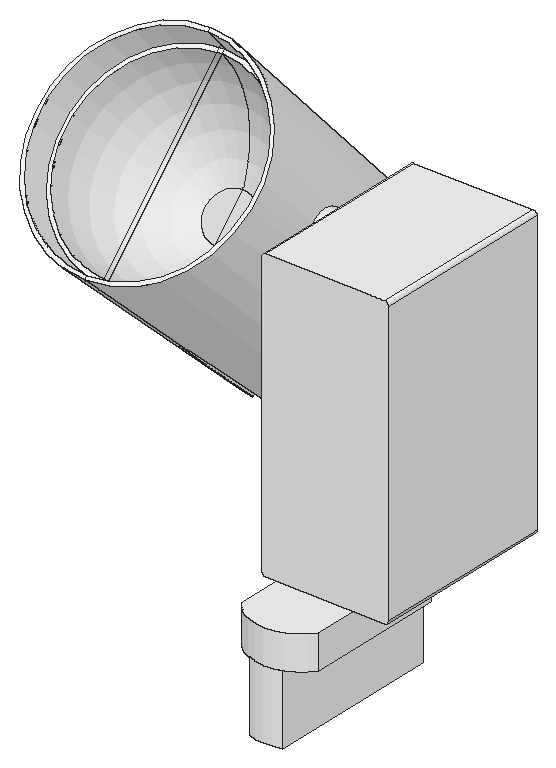
Revit family "0004931 Feilo Sylvania Lighting Fixture START TRACK SPOT S DALI 1359LM 940 MB WHT", category Lighting Fixtures, host Face, Revit 2017 (continued)
Definition of nested family "Start Track Spot Head"
  Types (96, lengths in mm): name | Wattage | built-in parameter 1150134 | Photometric Web File | Model | built-in parameter 1150105 | Lumens | built-in parameter 1150107 | built-in parameter 1150106 | HeadThickness_FEILO | HeadRibOffset_FEILO | HeadRibDepth_FEILO | HeadRibCutWidth_FEILO | HeadRibCutOffset_FEILO | HeadReflectorRadius_FEILO | HeadReflectorOffset_FEILO | HeadLEDRadius_FEILO | HeadHeight_FEILO | HeadDiffusorOffset_FEILO | HeadDiaOut_FEILO | HeadDiaIn_FEILO | HeadAxisFromTop_FEILO | Emit from Circle Diameter | built-in parameter 1150104 | Description | Apparent Load
    0004812 START TRACK SPOT S 14W 3K RA80 MB WHITE | 14 W | (empty or 0) | "0004812.ies" | "START TRACK SPOT S 14W 3K RA80 MB WHITE" | 120.32 (stored number, unit not read) | 1512 lm | 3000 (stored number, unit not read) | 1.2032 (stored number, unit not read) | 1.5 | 4.179 | 55.714 | 7.167 | 50.87 | 50.588 | 55.714 | 9.556 | 117 | 9.435 | 86 | 77.477 | 69.354 | 77.477 | 10.034 (stored number, unit not read) | "Integrated LED spotlight, Textured White - RAL9016, compact and minimalist design, ideal for retail applications, die-cast aluminium body, passive cooling heatsink. Beam angle: 36°, color temperature: 3000K , total system power: 14W, total fixture output: 1508 lm, LOR: 100%, colour rendering: Ra: 80 typical, LED Chromaticity: 3 step MacAdam ellipse, lifetime: >50000 hours at L70B50, energy class: A++, A+, A, IR/UV free light source without heat radiation, operating voltage: 220-240V / 50-60Hz, drive current: 350mA, electronic driver, non-dimmable, power factor: 0.92, electrical protection: Class II, Global Track 3 Phase adapter suitable for Global trac 3-circuit tracks, ingress protection rating: IP20, suitable for internal environment only, horizontal rotation: 355°, vertical tilt: 90°, dimensions: Ø86x140x200, weight: 0.940kg." | 14 VA
    0004811 START TRACK SPOT S 14W 3K RA80 NB WHITE | 14 W | (empty or 0) | "0004811.ies" | "START TRACK SPOT S 14W 3K RA80 NB WHITE" | 123.66 (stored number, unit not read) | 1554 lm | 3000 (stored number, unit not read) | 1.2366 (stored number, unit not read) | 1.5 | 4.179 | 55.714 | 7.167 | 50.87 | 50.588 | 55.714 | 9.556 | 117 | 9.435 | 86 | 77.477 | 69.354 | 77.477 | 10.312 (stored number, unit not read) | "Integrated LED spotlight, Textured White - RAL9016, compact and minimalist design, ideal for retail applications, die-cast aluminium body, passive cooling heatsink. Beam angle: 12°, color temperature: 3000K , total system power: 14W, total fixture output: 1551 lm, LOR: 100%, colour rendering: Ra: 80 typical, LED Chromaticity: 3 step MacAdam ellipse, lifetime: >50000 hours at L70B50, energy class: A++, A+, A, IR/UV free light source without heat radiation, operating voltage: 220-240V / 50-60Hz, drive current: 350mA, electronic driver, non-dimmable, power factor: 0.92, electrical protection: Class II, Global Track 3 Phase adapter suitable for Global trac 3-circuit tracks, ingress protection rating: IP20, suitable for internal environment only, horizontal rotation: 355°, vertical tilt: 90°, dimensions: Ø86x140x200, weight: 0.940kg." | 14 VA
  Reference planes
    plane 1 "Center (Front/Back)": y = 0
    plane 2: z = 0
    plane 3 "Center (Left/Right)": x = 0
    plane 4: x = 43
    plane 5: x = -43
    plane 6: x = -38.739
    plane 7: x = 38.739
    plane 8: z = 69.354
    plane 9: z = -47.646
    plane 10: x = -41.5
    plane 11: x = -37.239
    plane 12: z = -38.211
    plane 13: z = -35.211
    plane 14: z = 8.068
    plane 15: x = -9.556
    plane 16: x = -28.667
    plane 17: x = -19.111
    plane 18: x = -27.167
    plane 19: x = -17.611
    plane 20: x = -8.056
    plane 21: z = 13.64
    plane 22: x = -29.667
    plane 23: x = -26.167
    plane 24: x = -20.111
    plane 25: x = -16.611
    plane 26: x = -10.556
    plane 27: x = -7.056
    plane 28: x = -36.239
    plane 29: x = -40.5
    plane 30: z = 65.175
    plane 31: z = 60.997
    plane 32: z = 56.818
    plane 33: z = 18.484
    plane 34: y = -43
    plane 35: y = 43
    plane 36: y = 3.583
    plane 37: y = -3.583
    plane 38: y = -2.583
    plane 39: y = 2.583
    plane 40: y = 46
    plane 41: z = 13.5
    plane 42: z = -13.5
    plane 43: y = 39
    plane 44: x = 4.708
    plane 45: x = -2.458
    plane 46: x = -1.458
    plane 47: x = 1.458
  Forms (mm)
    Extrusion 1, solid
      sketch origin (4.2, 0, 0) x (1, 0, 0) y (0, 1, 0)
        loop
          line (-1219.2, 1219.2) -> (-1219.2, -1219.2) -> (1219.2, -1219.2) -> (1219.2, 1219.2) -> (-1219.2, 1219.2)
      from 0 to -68.017
    Revolve 2, solid, material <- "Material_1_FEILO", detail levels medium+fine
      sketch origin (0, 0, 0) x (1, 0, 0) y (0, 0, 1)
        loop
          line (-43, -47.646) -> (-41.5, -47.646) -> (-40.5, -35.211) -> (-38.739, -35.211)
          arc (-38.739, -35.211) -> (-30.16, -9.517) -> (-9.556, 8.068) r 50.588
          line (-9.556, 8.068) -> (0, 8.068) -> (0, 13.64) -> (-16.611, 13.64) -> (-17.611, 60.997) -> (-19.111, 60.997) -> (-20.111, 13.64) -> (-36.239, 13.64) -> (-37.239, 69.354) -> (-38.739, 69.354) -> (-43, -47.646)
        axis (0, 69.354) -> (0, -47.646)
      angle from 360 to 0
    Extrusion 3, void
      sketch origin (0, 0, 0) x (0, 1, 0) y (0, 0, 1)
        loop
          line (-3.583, 69.354) -> (-2.583, 18.484) -> (1.932, 18.484) -> (2.932, 69.354) -> (-3.583, 69.354)
      from 43 to -43
    Revolve 4, solid, material <- "Material_2_FEILO", detail levels medium+fine
      sketch origin (0, 0, 0) x (1, 0, 0) y (0, 0, 1)
        loop
          line (-41.5, -38.211) -> (0, -38.211) -> (0, -35.211) -> (-41.5, -35.211) -> (-41.5, -38.211)
        axis (0, -35.211) -> (0, -38.211)
      angle from 360 to 0
    Revolve 5, solid, material <- "Material_1_FEILO"
      sketch origin (0, 0, 0) x (0, 1, 0) y (0, 0, 1)
        loop
          line (46, 0) -> (39, 0) -> (39, -13.5) -> (46, -13.5) -> (46, 0)
        axis (39, 0) -> (46, 0)
      angle from 360 to 0
    Revolve 6, solid, material <- "Material_1_FEILO", detail levels medium+fine
      sketch origin (0, 0, 0) x (1, 0, 0) y (0, 0, 1)
        loop
          line (-29.667, 13.64) -> (-26.167, 13.64) -> (-27.167, 65.175) -> (-28.667, 65.175) -> (-29.667, 13.64)
        loop
          line (-10.556, 13.64) -> (-7.056, 13.64) -> (-7.833, 56.818) -> (-9.778, 56.818) -> (-10.556, 13.64)
        axis (0, 65.175) -> (0, 13.64)
      angle from 360 to 0
    Extrusion 7, void
      sketch origin (0, 0, 0) x (1, 0, 0) y (0, 0, 1)
        loop
          line (4.708, 69.354) -> (-2.458, 69.354) -> (-1.458, 13.64) -> (1.458, 13.64) -> (4.708, 69.354)
      from -43 to 43
    Revolve 8, solid, material <- "Material_1_FEILO", detail levels coarse
      sketch origin (0, 0, 0) x (1, 0, 0) y (0, 0, 1)
        loop
          line (0, 69.354) -> (-38.739, 69.354) -> (-43, -47.646) -> (-41.5, -47.646) -> (-40.731, -38.211) -> (0, -38.211) -> (0, 69.354)
        axis (0, 69.354) -> (0, -47.646)
      angle from 360 to 0
  Cuts and joins
    Extrusion 3 cuts Revolve 2
    Extrusion 7 cuts Revolve 6
  Dimensions and locks
    equal spacing: plane 7, plane 3 "Center (Left/Right)", plane 6
    equal spacing: plane 4, plane 3 "Center (Left/Right)", plane 5
    "HeadDiaOut_FEILO": plane 4 to plane 5
    "HeadDiaIn_FEILO": plane 7 to plane 6
    "HeadHeight_FEILO": plane 8 to plane 9
    "HeadThickness_FEILO": plane 10 to plane 5
    "HeadThickness_FEILO": plane 11 to plane 6
    "HeadDiffusorOffset_FEILO": plane 12 to plane 9
    "HeadDiffusorThickness_FEILO": plane 13 to plane 12
    "HeadReflectorOffset_FEILO": plane 14 to plane 9
    "HeadLEDRadius_FEILO": plane 3 "Center (Left/Right)" to plane 15
    "HeadLEDRadius_FEILO": plane 15 to plane 17
    "HeadLEDRadius_FEILO": plane 17 to plane 16
    "HeadThickness_FEILO": plane 18 to plane 16
    "HeadThickness_FEILO": plane 19 to plane 17
    "HeadThickness_FEILO": plane 20 to plane 15
    "HeadRibDepth_FEILO": plane 8 to plane 21
    "HeadDraft_FEILO": plane 16 to plane 22
    "HeadDraft_FEILO": plane 23 to plane 18
    "HeadDraft_FEILO": plane 17 to plane 24
    "HeadDraft_FEILO": plane 25 to plane 19
    "HeadDraft_FEILO": plane 15 to plane 26
    "HeadDraft_FEILO": plane 27 to plane 20
    "HeadDraft_FEILO": plane 29 to plane 10
    "HeadDraft_FEILO": plane 28 to plane 11
    "HeadRibOffset_FEILO": plane 8 to plane 30
    "HeadRibOffset_FEILO": plane 30 to plane 31
    "HeadRibOffset_FEILO": plane 31 to plane 32
    "HeadAxisFromTop_FEILO": plane 8 to plane 2
    "HeadRibCutOffset_FEILO": plane 8 to plane 33
    equal spacing: plane 34, plane 1 "Center (Front/Back)", plane 35
    "HeadDiaOut_FEILO": plane 34 to plane 35
    equal spacing: plane 38, plane 1 "Center (Front/Back)", plane 39
    equal spacing: plane 37, plane 1 "Center (Front/Back)", plane 36
    "HeadRibCutWidth_FEILO": plane 37 to plane 36
    "HeadDraft_FEILO": plane 37 to plane 38
    locked: plane 35 to plane 40 at 3
    equal spacing: plane 41, plane 2, plane 42
    locked: plane 42 to plane 41 at 27
    locked: plane 43 to plane 35 at 4
    equal spacing: plane 45, imposter light, plane 44
    "HeadDraft_FEILO": plane 46 to plane 45
    "HeadRibCutWidth_FEILO": plane 44 to plane 45
    equal spacing: plane 47, plane 3 "Center (Left/Right)", plane 46
    "HeadReflectorRadius_FEILO": radius of Revolve 2 sketch curve
    aligned and locked: plane 2 to Extrusion 1
    aligned and locked: level to Extrusion 1
    aligned and locked: Revolve 2 sketch curve to plane 3 "Center (Left/Right)"  (x2)
    aligned and locked: plane 9 to Revolve 2 sketch curve  (x2)
    aligned and locked: plane 5 to Revolve 2 sketch curve
    aligned and locked: plane 10 to Revolve 2 sketch curve
    aligned and locked: plane 14 to Revolve 2 sketch curve
    aligned and locked: plane 8 to Revolve 2 sketch curve
    aligned and locked: Revolve 2 sketch curve to plane 13
    aligned and locked: plane 12 to Revolve 4 sketch curve
    aligned and locked: plane 3 "Center (Left/Right)" to Revolve 4 sketch curve
    aligned and locked: Revolve 4 sketch curve to plane 10
    aligned and locked: Revolve 4 sketch curve to plane 3 "Center (Left/Right)"
    aligned and locked: plane 12 to imposter light
    aligned and locked: imposter light to plane 1 "Center (Front/Back)"
    aligned and locked: Revolve 5 sketch curve to plane 2
    aligned and locked: plane 43 to Revolve 5 sketch curve
    aligned and locked: plane 42 to Revolve 5 sketch curve
    aligned and locked: Revolve 6 sketch curve to plane 3 "Center (Left/Right)"
    aligned and locked: plane 22 to Revolve 6 sketch curve
    aligned and locked: plane 30 to Revolve 6 sketch curve
    aligned and locked: plane 23 to Revolve 6 sketch curve
    aligned and locked: Revolve 6 sketch curve to plane 21  (x2)
    aligned and locked: plane 21 to Revolve 6 sketch curve
    aligned and locked: plane 17 to Revolve 2 sketch curve
    aligned and locked: plane 19 to Revolve 2 sketch curve
    aligned and locked: plane 31 to Revolve 2 sketch curve
    aligned and locked: plane 21 to Revolve 2 sketch curve
    aligned and locked: Extrusion 3 to plane 8
    aligned and locked: plane 33 to Extrusion 3
    aligned and locked: plane 8 to Extrusion 3 sketch curve
    aligned and locked: Extrusion 3 sketch curve to plane 33
    aligned and locked: Extrusion 3 to plane 5
    aligned and locked: plane 4 to Extrusion 3
    aligned and locked: plane 32 to Revolve 6 sketch curve
    aligned and locked: plane 44 to Extrusion 7 sketch curve
    aligned and locked: Extrusion 7 sketch curve to plane 8
    aligned and locked: plane 46 to Extrusion 7 sketch curve
    aligned and locked: plane 21 to Extrusion 7 sketch curve
    aligned and locked: plane 34 to Extrusion 7
    aligned and locked: Extrusion 7 to plane 35
    aligned and locked: Revolve 4 sketch curve to plane 13
    aligned and locked: Revolve 5 sketch curve to plane 40
    aligned and locked: Revolve 8 sketch curve to plane 3 "Center (Left/Right)"
    aligned and locked: Revolve 8 sketch curve to cut or joined group of Revolve 2, Extrusion 3  (x3)
    aligned and locked: plane 5 to Revolve 8 sketch curve
    aligned and locked: plane 3 "Center (Left/Right)" to Revolve 8 sketch curve
    aligned and locked: plane 12 to Revolve 8 sketch curve
  Automatic sketch dimensions
    Extrusion 1 sketch curve to Extrusion 1 sketch curve = 2438.4 mm  (x2)
    Extrusion 3 sketch curve to plane 37 = 0 mm
    Extrusion 3 sketch curve to plane 38 = 0 mm
    plane 39 to Extrusion 3 sketch curve = 0.651 mm
    Extrusion 3 sketch curve to plane 39 = 0.349 mm
    Revolve 6 sketch curve to plane 16 = 0 mm
    Revolve 6 sketch curve to plane 18 = 0 mm
    Revolve 6 sketch curve to plane 26 = 0 mm
    Revolve 6 sketch curve to plane 27 = 0 mm
    Revolve 6 sketch curve to plane 15 = 0.222 mm
    plane 9 to Revolve 6 sketch curve = 559.103 mm
    Revolve 6 sketch curve to plane 8 = 2535.555 mm
    plane 20 to Revolve 6 sketch curve = 0.222 mm
    Revolve 2 sketch curve to plane 29 = 0 mm
    Revolve 2 sketch curve to plane 6 = 0 mm  (x2)
    Revolve 2 sketch curve to plane 11 = 0 mm
    Revolve 2 sketch curve to plane 21 = 0 mm
    Revolve 2 sketch curve to plane 28 = 0 mm
    Revolve 2 sketch curve to plane 24 = 0 mm
    Revolve 2 sketch curve to plane 25 = 0 mm
    Revolve 2 sketch curve to plane 15 = 0 mm
    Revolve 2 sketch curve to Revolve 2 sketch curve = 557.155 mm
    Revolve 2 sketch curve to plane 8 = 2535.558 mm
    Extrusion 7 sketch curve to plane 45 = 0 mm
    Extrusion 7 sketch curve to plane 47 = 0 mm
    plane 9 to Revolve 4 sketch curve = 559.103 mm
    Revolve 4 sketch curve to plane 8 = 2535.555 mm
    Revolve 5 sketch curve to level = 0 mm
    plane 34 to Revolve 5 sketch curve = 1968.092 mm
    Revolve 5 sketch curve to plane 40 = 1405.763 mm
    Revolve 8 sketch curve to plane 6 = 0 mm
    Revolve 8 sketch curve to plane 29 = 0.231 mm
    plane 9 to Revolve 8 sketch curve = 559.103 mm
    Revolve 8 sketch curve to Revolve 8 sketch curve = 2535.555 mm
Definition of nested family "Start Track Spot Box"
  Parameters (values of type "Type Large White")
    URL = "http://www.feilosylvania.com"
    Type Image = (empty or 0)
    Type Comments = "n/a"
    Small_FEILO = no
    Material_3_FEILO = none
    Model = ""
    Manufacturer = "Feilo Sylvania"
    Keynote = ""
    Material_2_FEILO = none
    Description = ""
    Default Elevation = 1219.2 mm
    Cost = 0
    Material_1_FEILO = none
    BoxWidth_FEILO = 49 mm
    BoxStartAngle_FEILO [instance] = 0.00°
    BoxRadius_FEILO = 1.5 mm
    BoxHeight_FEILO = if(Small_FEILO, 112 mm, 136 mm)  # 136 mm
    BoxEndAngle_FEILO [instance] = BoxStartAngle_FEILO - 180.00°  # -180.00°
    BoxDepth_FEILO = if(Small_FEILO, 71.5 mm, 79 mm)  # 79 mm
    BoxAxisVerticalOffset_FEILO = 16 mm
    BoxAxisOffset_FEILO = BoxHeight_FEILO / 6.8  # 20 mm
    Assembly Code = ""
    Material_4_FEILO = none
  Types (4, lengths in mm): name | Small_FEILO | BoxHeight_FEILO | BoxDepth_FEILO | BoxAxisOffset_FEILO
    Type Large White | no | 136 | 79 | 20
    Type Small White | yes | 112 | 71.5 | 16.471
    Type Small Black | yes | 112 | 71.5 | 16.471
    Type Large Black | no | 136 | 79 | 20
  Reference planes
    plane 1 "Center (Front/Back)": y = 0
    plane 2: z = 0
    plane 3 "Center (Left/Right)": x = 0
    plane 4: x = 24.5
    plane 5: x = -24.5
    plane 6: y = 68
    plane 7: y = -68
    plane 8: z = 39.5
    plane 9: z = -39.5
    plane 10: y = -48
    plane 11: x = 30.5
    plane 12: x = 8.5
    plane 13: x = 21.5
    plane 14: y = 70
    plane 15: y = 72
    plane 16: x = 19.5
  Forms (mm)
    Extrusion 1, solid
      sketch origin (4.2, 0, 0) x (1, 0, 0) y (0, 1, 0)
        loop
          line (-1219.2, 1219.2) -> (-1219.2, -1219.2) -> (1219.2, -1219.2) -> (1219.2, 1219.2) -> (-1219.2, 1219.2)
      from 0 to -68.017
    Extrusion 2, solid, material <- "Material_1_FEILO"
      sketch origin (0, 0, 0) x (1, 0, 0) y (0, 1, 0)
        loop
          arc (-23, 68) -> (-24.061, 67.561) -> (-24.5, 66.5) r 1.5
          line (-24.5, 66.5) -> (-24.5, -66.5)
          arc (-24.5, -66.5) -> (-24.061, -67.561) -> (-23, -68) r 1.5
          line (-23, -68) -> (23, -68)
          arc (23, -68) -> (24.061, -67.561) -> (24.5, -66.5) r 1.5
          line (24.5, -66.5) -> (24.5, 66.5)
          arc (24.5, 66.5) -> (24.061, 67.561) -> (23, 68) r 1.5
          line (23, 68) -> (-23, 68)
      from -39.5 to 39.5
    Revolve 3, solid, not visible
      sketch origin (0, 0, 0) x (1, 0, 0) y (0, 1, 0)
        loop
          line (30.5, -48) -> (24.5, -48) -> (24.5, -68) -> (30.5, -68) -> (30.5, -48)
        axis (30.5, -48) -> (24.5, -48)
      angle from 0 <- "BoxStartAngle_FEILO" to -180 <- "BoxEndAngle_FEILO"
    Revolve 4, solid, material <- "Material_2_FEILO"
      sketch origin (0, 0, 0) x (1, 0, 0) y (0, 1, 0)
        loop
          line (8.5, 68) -> (19.5, 68) -> (19.5, 70) -> (21.5, 70) -> (21.5, 72) -> (8.5, 72) -> (8.5, 68)
        axis (8.5, 72) -> (8.5, 68)
      angle from 360 to 0
  Dimensions and locks
    equal spacing: plane 5, plane 3 "Center (Left/Right)", plane 4
    "BoxWidth_FEILO": plane 5 to plane 4
    equal spacing: plane 7, plane 1 "Center (Front/Back)", plane 6
    "BoxHeight_FEILO": plane 7 to plane 6
    equal spacing: plane 8, plane 2, plane 9
    "BoxDepth_FEILO": plane 8 to plane 9
    "BoxAxisOffset_FEILO": plane 7 to plane 10
    locked: plane 4 to plane 11 at 6
    "BoxAxisVerticalOffset_FEILO": plane 12 to plane 4
    locked: plane 12 to plane 13 at 13
    plane 6 to plane 14 to plane 15 = 2 mm locked, 2 mm locked
    locked: plane 12 to plane 16 at 11
    "BoxRadius_FEILO": radius of Extrusion 2 sketch curve  (x4)
    aligned and locked: plane 2 to Extrusion 1
    aligned and locked: level to Extrusion 1
    aligned and locked: plane 6 to Extrusion 2 sketch curve
    aligned and locked: plane 5 to Extrusion 2 sketch curve
    aligned and locked: Extrusion 2 sketch curve to plane 7
    aligned and locked: Extrusion 2 sketch curve to plane 4
    aligned and locked: Extrusion 2 to plane 8
    aligned and locked: plane 9 to Extrusion 2
    aligned and locked: Revolve 3 sketch curve to plane 10  (x2)
    aligned and locked: plane 11 to Revolve 3 sketch curve
    aligned and locked: Revolve 3 sketch curve to plane 4
    aligned and locked: plane 7 to Revolve 3 sketch curve
    aligned and locked: Revolve 4 sketch curve to plane 12
    aligned and locked: plane 6 to Revolve 4 sketch curve
    aligned and locked: plane 12 to Revolve 4 sketch curve
    aligned and locked: plane 15 to Revolve 4 sketch curve
    aligned and locked: Revolve 4 sketch curve to plane 13
    aligned and locked: Revolve 4 sketch curve to plane 14
    aligned and locked: Revolve 4 sketch curve to plane 16
    aligned and locked: Revolve 4 sketch curve to plane 6
  Automatic sketch dimensions
    Extrusion 1 sketch curve to Extrusion 1 sketch curve = 2438.4 mm  (x2)
    Revolve 3 sketch curve to plane 5 = 1499.5 mm
    plane 11 to Revolve 3 sketch curve = 1493.5 mm
    plane 15 to Revolve 4 sketch curve = 0 mm
    plane 7 to Revolve 4 sketch curve = 1456 mm
    Revolve 4 sketch curve to plane 15 = 1452 mm
